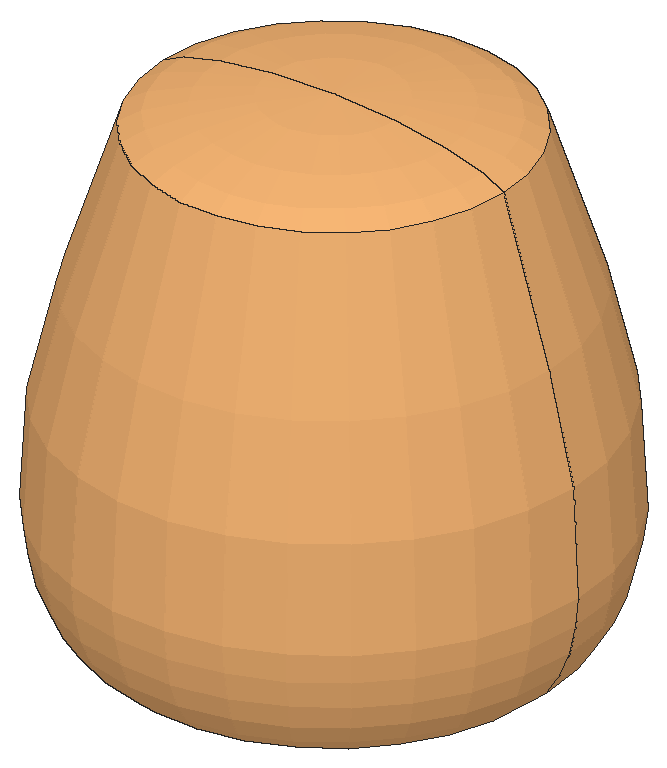
Revit family "Pix - 3013", category Arredi, Revit 2014
Parameters
  URL = "http://www.arper.com"
  Produttore = "ARPER s.p.a."  # constant formula
  Modello = "Pix 47"  # constant formula
  Descrizione = "One seat ottoman. Upholstery in leather,faux leather, fabric or\r\ncustomer's own material. 49 cm diameter and 48 cm height."
  Copyright [instance] = "ARPER s.p.a."  # constant formula
  Arper - Legs material [instance] = Arper - generic glides
  Arper - Cover material [instance] = Arper - generic texture
  Arper - Article code [instance] = "Art.3013"  # constant formula
Reference planes
  plane 1 "Centro (Fronte/Retro)": y = 0
  plane 2: z = 0
  plane 3 "Centro (Sinistra/Destra)": x = 0
Forms (mm)
  Revolve 1, solid, material "Arper - generic texture" <- "Arper - Cover material"
    sketch origin (0, 0, 0) x (1, 0, 0) y (0, 0, 1)
      loop
        line (0, 480.829) -> (0, 20.761) -> (166.636, 20.761)
        spline (166.636, 20.761) -> (197.099, 35.686) -> (217.402, 65.085) -> (229.16, 103.035) -> (233.988, 143.639) -> (233.338, 183.226) -> (228.374, 222.142) -> (220.228, 261.151) -> (210.034, 301.018) -> (198.873, 342.353) -> (187.135, 383.578) -> (174.692, 421.489) -> (161.403, 452.847)
        spline (161.403, 452.847) -> (157.125, 456.017) -> (150.819, 459.25) -> (142.593, 462.48) -> (132.555, 465.644) -> (120.814, 468.677) -> (107.477, 471.515) -> (92.653, 474.092) -> (76.449, 476.346) -> (58.974, 478.211) -> (40.335, 479.623) -> (20.641, 480.517) -> (0, 480.829)
      axis (0, 480.829) -> (0, 20.761)
    angle from 0 to 360
  Extrusion 2, solid, material "Arper - generic glides" <- "Arper - Legs material"
    sketch origin (23.192, -46.515, 0) x (1, 0, 0) y (0, 1, 0)
      loop
        circle (64.048, 46.515) r 17
    from 0 to 25
  Extrusion 3, solid, material "Arper - generic glides" <- "Arper - Legs material"
    sketch origin (-151.199, -46.515, 0) x (1, 0, 0) y (0, 1, 0)
      loop
        circle (64.048, 46.515) r 17
    from 0 to 25
  Extrusion 4, solid, material "Arper - generic glides" <- "Arper - Legs material"
    sketch origin (46.554, 23.159, 0) x (-0.000229, 1, 0) y (-1, -0.000229, 0)
      loop
        circle (64.048, 46.515) r 17
    from 0 to 25
  Extrusion 5, solid, material "Arper - generic glides" <- "Arper - Legs material"
    sketch origin (46.593, -151.233, 0) x (-0.000229, 1, 0) y (-1, -0.000229, 0)
      loop
        circle (64.048, 46.515) r 17
    from 0 to 25
Dimensions and locks
  aligned and locked: level to plane 2
